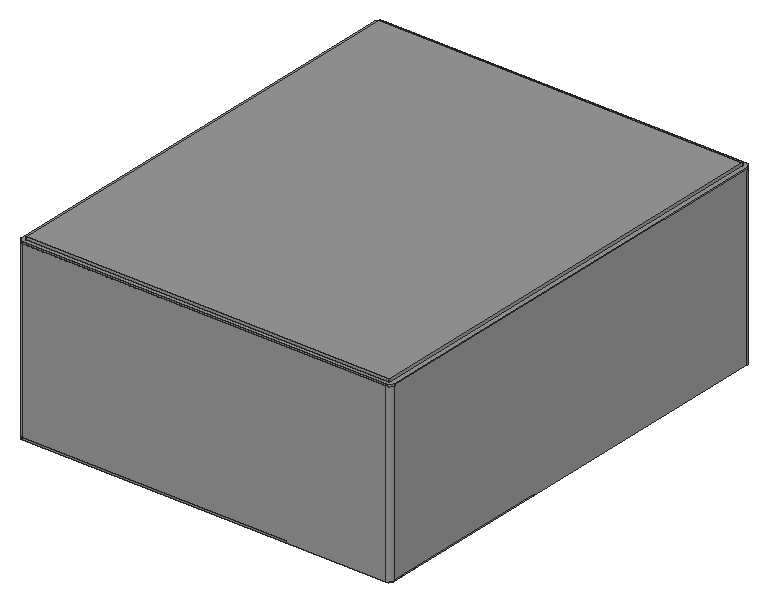
Revit family "Building-SurfaceMountingEnclosures-GEWISS-44CE-JUNCTION-BOXES-WALL-MOUNTING_HIGH_LID", category Apparecchi elettrici, host Superficie, Revit 2016 (continued)
Definition of nested family "Eemento di dettaglio - 44CE"
  Lines and regions (mm)
    detail lines, in view "Livello rif.", visible <- "460x380x120", detail levels medium+fine
      curve 732: line (148.101, -187.418, 0) -> (145.243, -184.56, 0)
      curve 733: line (145.243, -184.56, 0) -> (145.243, 0, 0)
      curve 734: line (145.243, 0, 0) -> (145.243, 184.56, 0)
      curve 735: line (155, -204.074, 0) -> (-155, -204.074, 0)
      curve 736: line (60.243, -194.317, 0) -> (0, -194.317, 0)
      curve 737: line (0, -194.317, 0) -> (-60.243, -194.317, 0)
      curve 738: line (-145.243, 184.56, 0) -> (-145.243, 0, 0)
      curve 739: line (-145.243, 0, 0) -> (-145.243, -184.56, 0)
      curve 740: line (-145.243, -184.56, 0) -> (-148.101, -187.418, 0)
      curve 741: line (-145.243, -7.317, 0) -> (145.243, -7.317, 0)
      curve 742: line (-145.243, 7.317, 0) -> (145.243, 7.317, 0)
      curve 744: line (155, -184.56, 0) -> (155, 0, 0)
      curve 745: line (155, 0, 0) -> (155, 184.56, 0)
      curve 746: line (145.243, -184.56, 0) -> (0, -184.56, 0)
      curve 747: line (0, -184.56, 0) -> (-145.243, -184.56, 0)
      curve 748: line (145.243, -194.317, 0) -> (-145.243, -194.317, 0)
      curve 749: line (155, 204.074, 0) -> (-155, 204.074, 0)
      curve 750: line (145.243, 194.317, 0) -> (-145.243, 194.317, 0)
      curve 751: line (-148.101, 187.418, 0) -> (-145.243, 184.56, 0)
      curve 752: line (-145.243, 184.56, 0) -> (0, 184.56, 0)
      curve 753: line (0, 184.56, 0) -> (145.243, 184.56, 0)
      curve 754: line (145.243, 184.56, 0) -> (148.101, 187.418, 0)
      curve 755: line (-155.73, 184.56, 0) -> (-154.987, 184.56, 0)
      curve 756: line (-154.987, 184.56, 0) -> (-154.987, 0, 0)
      curve 757: line (-154.987, 0, 0) -> (-154.987, -184.56, 0)
      curve 758: line (-154.987, -184.56, 0) -> (-155.73, -184.56, 0)
    detail lines, in view "Livello rif.", visible <- "460x380x120"
      curve 250: arc (198.537, 227.781, 0) -> (195.679, 234.679, 0) -> (188.781, 237.537, 0) r 9.756
      curve 251: arc (-188.781, 237.537, 0) -> (-195.679, 234.679, 0) -> (-198.537, 227.781, 0) r 9.756
      curve 252: arc (188.781, -237.591, 0) -> (195.679, -234.733, 0) -> (198.537, -227.835, 0) r 9.756
      curve 253: arc (-198.537, -227.835, 0) -> (-195.679, -234.733, 0) -> (-188.781, -237.591, 0) r 9.756
      curve 266: line (-188.781, -237.591, 0) -> (188.781, -237.591, 0)
      curve 267: line (198.537, 227.781, 0) -> (198.537, -227.835, 0)
      curve 268: line (-198.537, 227.781, 0) -> (-198.537, -227.835, 0)
      curve 284: line (-188.781, 237.537, 0) -> (188.781, 237.537, 0)
      curve 659: arc (2930.564, 243.355, 0) -> (2927.707, 250.254, 0) -> (2920.808, 253.111, 0) r 9.756
      curve 660: arc (2543.247, 253.111, 0) -> (2536.348, 250.254, 0) -> (2533.491, 243.355, 0) r 9.756
      curve 661: arc (2920.808, -222.017, 0) -> (2927.707, -219.159, 0) -> (2930.564, -212.261, 0) r 9.756
      curve 662: arc (2533.491, -212.261, 0) -> (2536.348, -219.159, 0) -> (2543.247, -222.017, 0) r 9.756
      curve 675: line (2543.247, -222.017, 0) -> (2920.808, -222.017, 0)
      curve 676: line (2930.564, 243.355, 0) -> (2930.564, -212.261, 0)
      curve 677: line (2533.491, 243.355, 0) -> (2533.491, -212.261, 0)
      curve 693: line (2543.247, 253.111, 0) -> (2920.808, 253.111, 0)
      curve 709: arc (198.537, 227.781, 0) -> (195.679, 234.679, 0) -> (188.781, 237.537, 0) r 9.756
      curve 710: arc (-188.781, 237.537, 0) -> (-195.679, 234.679, 0) -> (-198.537, 227.781, 0) r 9.756
      curve 711: arc (188.781, -237.591, 0) -> (195.679, -234.733, 0) -> (198.537, -227.835, 0) r 9.756
      curve 712: arc (-198.537, -227.835, 0) -> (-195.679, -234.733, 0) -> (-188.781, -237.591, 0) r 9.756
      curve 725: line (-188.781, -237.591, 0) -> (188.781, -237.591, 0)
      curve 726: line (198.537, 227.781, 0) -> (198.537, -227.835, 0)
      curve 727: line (-198.537, 227.781, 0) -> (-198.537, -227.835, 0)
      curve 743: line (-188.781, 237.537, 0) -> (188.781, 237.537, 0)
    detail lines, in view "Livello rif.", visible <- "380x300x120"
      curve 300: line (-193.617, 0, 0) -> (148.275, 0, 0)
      curve 301: line (0, 253.828, 0) -> (0, -235.211, 0)
      curve 302: arc (158.537, 188.781, 0) -> (155.679, 195.679, 0) -> (148.781, 198.537, 0) r 9.756
      curve 303: arc (-148.781, 198.537, 0) -> (-155.679, 195.679, 0) -> (-158.537, 188.781, 0) r 9.756
      curve 304: arc (148.781, -198.591, 0) -> (155.679, -195.733, 0) -> (158.537, -188.835, 0) r 9.756
      curve 305: arc (-158.537, -188.835, 0) -> (-155.679, -195.733, 0) -> (-148.781, -198.591, 0) r 9.756
      curve 318: line (-148.781, -198.591, 0) -> (148.781, -198.591, 0)
      curve 326: line (158.537, 188.781, 0) -> (158.537, -188.835, 0)
      curve 327: line (-158.537, 188.781, 0) -> (-158.537, -188.835, 0)
      curve 343: line (-148.781, 198.537, 0) -> (148.781, 198.537, 0)
      curve 602: line (1784.564, 14.634, 0) -> (2126.456, 14.634, 0)
      curve 603: line (1978.18, 268.462, 0) -> (1978.18, -220.578, 0)
      curve 604: arc (2136.717, 203.414, 0) -> (2133.86, 210.313, 0) -> (2126.961, 213.17, 0) r 9.756
      curve 605: arc (1829.4, 213.17, 0) -> (1822.501, 210.313, 0) -> (1819.644, 203.414, 0) r 9.756
      curve 606: arc (2126.961, -183.957, 0) -> (2133.86, -181.1, 0) -> (2136.717, -174.201, 0) r 9.756
      curve 607: arc (1819.644, -174.201, 0) -> (1822.501, -181.1, 0) -> (1829.4, -183.957, 0) r 9.756
      curve 620: line (1829.4, -183.957, 0) -> (2126.961, -183.957, 0)
      curve 628: line (2136.717, 203.414, 0) -> (2136.717, -174.201, 0)
      curve 629: line (1819.644, 203.414, 0) -> (1819.644, -174.201, 0)
      curve 645: line (1829.4, 213.17, 0) -> (2126.961, 213.17, 0)
    detail lines, in view "Livello rif.", visible <- "380x300x120", detail levels medium+fine
      curve 306: circle (99.402, 0, 0) r 7.317 normal (0, 0, 1)
      curve 307: circle (-99.402, 0, 0) r 7.317 normal (0, 0, 1)
      curve 308: circle (-125.5, -165.074, 0) r 3.71 normal (0, 0, 1)
      curve 309: circle (-125.5, -165.074, 0) r 9.757 normal (0, 0, 1)
      curve 310: circle (125.5, -165.074, 0) r 9.757 normal (0, 0, 1)
      curve 311: circle (125.5, -165.074, 0) r 3.71 normal (0, 0, 1)
      curve 312: circle (99.402, 0, 0) r 4.202 normal (0, 0, 1)
      curve 313: circle (-125.5, 164.596, 0) r 3.71 normal (0, 0, 1)
      curve 314: circle (-125.5, 164.596, 0) r 9.757 normal (0, 0, 1)
      curve 315: circle (125.5, 164.596, 0) r 9.757 normal (0, 0, 1)
      curve 316: circle (125.5, 164.596, 0) r 3.71 normal (0, 0, 1)
      curve 317: circle (-99.402, 0, 0) r 4 normal (0, 0, 1)
      curve 319: line (-135.257, 164.583, 0) -> (-135.257, 0, 0)
      curve 320: line (-135.257, 0, 0) -> (-135.257, -165.061, 0)
      curve 321: line (135.257, 164.596, 0) -> (135.257, 0, 0)
      curve 322: line (135.257, 0, 0) -> (135.257, -165.074, 0)
      curve 323: line (126.23, 154.839, 0) -> (125.5, 154.839, 0)
      curve 324: line (125.5, 154.839, 0) -> (125.5, 0, 0)
      curve 325: line (125.5, 0, 0) -> (125.5, -155.317, 0)
      curve 328: line (125.5, -174.831, 0) -> (-125.5, -174.831, 0)
      curve 329: line (60.243, -165.074, 0) -> (0, -165.074, 0)
      curve 330: line (0, -165.074, 0) -> (-60.243, -165.074, 0)
      curve 331: line (-126.23, -155.317, 0) -> (-125.487, -155.317, 0)
      curve 332: line (-125.487, -155.317, 0) -> (-125.487, 0, 0)
      curve 333: line (-125.487, 0, 0) -> (-125.487, 154.839, 0)
      curve 334: line (-125.487, 154.839, 0) -> (-126.23, 154.839, 0)
      curve 335: line (-118.601, 157.697, 0) -> (-115.743, 154.839, 0)
      curve 336: line (-115.743, 154.839, 0) -> (-115.743, 0, 0)
      curve 337: line (-115.743, 0, 0) -> (-115.743, -155.317, 0)
      curve 338: line (-115.743, -155.317, 0) -> (-118.601, -158.175, 0)
      curve 339: line (-115.743, -7.317, 0) -> (115.743, -7.317, 0)
      curve 340: line (-115.743, 7.317, 0) -> (115.743, 7.317, 0)
      curve 341: line (125.5, 174.353, 0) -> (0, 174.353, 0)
      curve 342: line (0, 174.353, 0) -> (-125.5, 174.353, 0)
      curve 344: line (115.743, 164.596, 0) -> (0, 164.596, 0)
      curve 345: line (0, 164.596, 0) -> (-115.743, 164.596, 0)
      curve 346: line (118.601, -158.175, 0) -> (115.743, -155.317, 0)
      curve 347: line (115.743, -155.317, 0) -> (115.743, 0, 0)
      curve 348: line (115.743, 0, 0) -> (115.743, 154.839, 0)
      curve 349: line (115.743, 154.839, 0) -> (118.601, 157.697, 0)
      curve 350: line (115.743, -155.317, 0) -> (0, -155.317, 0)
      curve 351: line (0, -155.317, 0) -> (-115.743, -155.317, 0)
      curve 352: line (115.743, -165.074, 0) -> (-115.743, -165.074, 0)
      curve 353: line (-115.743, 154.839, 0) -> (0, 154.839, 0)
      curve 354: line (0, 154.839, 0) -> (115.743, 154.839, 0)
      curve 608: circle (2077.583, 14.634, 0) r 7.317 normal (0, 0, 1)
      curve 609: circle (1878.778, 14.634, 0) r 7.317 normal (0, 0, 1)
      curve 610: circle (1852.68, -150.44, 0) r 3.71 normal (0, 0, 1)
      curve 611: circle (1852.68, -150.44, 0) r 9.757 normal (0, 0, 1)
      curve 612: circle (2103.68, -150.44, 0) r 9.757 normal (0, 0, 1)
      curve 613: circle (2103.68, -150.44, 0) r 3.71 normal (0, 0, 1)
      curve 614: circle (2077.583, 14.634, 0) r 4.202 normal (0, 0, 1)
      curve 615: circle (1852.68, 179.23, 0) r 3.71 normal (0, 0, 1)
      curve 616: circle (1852.68, 179.23, 0) r 9.757 normal (0, 0, 1)
      curve 617: circle (2103.68, 179.23, 0) r 9.757 normal (0, 0, 1)
      curve 618: circle (2103.68, 179.23, 0) r 3.71 normal (0, 0, 1)
      curve 619: circle (1878.778, 14.634, 0) r 4 normal (0, 0, 1)
      curve 621: line (1842.924, 179.217, 0) -> (1842.924, 14.634, 0)
      curve 622: line (1842.924, 14.634, 0) -> (1842.924, -150.427, 0)
      curve 623: line (2113.437, 179.23, 0) -> (2113.437, 14.634, 0)
      curve 624: line (2113.437, 14.634, 0) -> (2113.437, -150.44, 0)
      curve 625: line (2104.41, 169.473, 0) -> (2103.68, 169.473, 0)
      curve 626: line (2103.68, 169.473, 0) -> (2103.68, 14.634, 0)
      curve 627: line (2103.68, 14.634, 0) -> (2103.68, -140.684, 0)
      curve 630: line (2103.68, -160.197, 0) -> (1852.68, -160.197, 0)
      curve 631: line (2038.424, -150.44, 0) -> (1978.18, -150.44, 0)
      curve 632: line (1978.18, -150.44, 0) -> (1917.937, -150.44, 0)
      curve 633: line (1851.951, -140.684, 0) -> (1852.694, -140.684, 0)
      curve 634: line (1852.694, -140.684, 0) -> (1852.694, 14.634, 0)
      curve 635: line (1852.694, 14.634, 0) -> (1852.694, 169.473, 0)
      curve 636: line (1852.694, 169.473, 0) -> (1851.951, 169.473, 0)
      curve 637: line (1859.58, 172.33, 0) -> (1862.437, 169.473, 0)
      curve 638: line (1862.437, 169.473, 0) -> (1862.437, 14.634, 0)
      curve 639: line (1862.437, 14.634, 0) -> (1862.437, -140.684, 0)
      curve 640: line (1862.437, -140.684, 0) -> (1859.58, -143.541, 0)
      curve 641: line (1862.437, 7.317, 0) -> (2093.924, 7.317, 0)
      curve 642: line (1862.437, 21.951, 0) -> (2093.924, 21.951, 0)
      curve 643: line (2103.68, 188.986, 0) -> (1978.18, 188.986, 0)
      curve 644: line (1978.18, 188.986, 0) -> (1852.68, 188.986, 0)
      curve 646: line (2093.924, 179.23, 0) -> (1978.18, 179.23, 0)
      curve 647: line (1978.18, 179.23, 0) -> (1862.437, 179.23, 0)
      curve 648: line (2096.781, -143.541, 0) -> (2093.924, -140.684, 0)
      curve 649: line (2093.924, -140.684, 0) -> (2093.924, 14.634, 0)
      curve 650: line (2093.924, 14.634, 0) -> (2093.924, 169.473, 0)
      curve 651: line (2093.924, 169.473, 0) -> (2096.781, 172.33, 0)
      curve 652: line (2093.924, -140.684, 0) -> (1978.18, -140.684, 0)
      curve 653: line (1978.18, -140.684, 0) -> (1862.437, -140.684, 0)
      curve 654: line (2093.924, -150.44, 0) -> (1862.437, -150.44, 0)
      curve 655: line (1862.437, 169.473, 0) -> (1978.18, 169.473, 0)
      curve 656: line (1978.18, 169.473, 0) -> (2093.924, 169.473, 0)
Definition of nested family "CASSDERIVAZPAR"
  Parameters (values of type "CASSETTA")
    SIMBOLO ACCESO [instance] = yes
    Distanza dal muro [instance] = 4.208 mm
    BORDO ACCESO [instance] = yes
  Reference planes
    plane 1: y = 0
    plane 2: x = 0
  Dimensions and locks
    "Distanza dal muro": plane 1 to nested 1
    aligned and locked: plane 2 to nested 1
  Nested families
    nested 1: "CASSDERIVAZPAR_BASE" at (0, 4.208, 0), BORDO ACCESO <- "BORDO ACCESO", SIMBOLO ACCESO <- "SIMBOLO ACCESO", type "CASSETTA"
      with BORDO ACCESO yes
  Definition of nested family "CASSDERIVAZPAR_BASE"
    Parameters (values of type "CASSETTA")
      SIMBOLO ACCESO [instance] = yes
      Distanza dal muro = 4.208 mm
      BORDO ACCESO [instance] = yes
    Reference planes
      plane 1: y = 0
      plane 2: x = 0
    Lines and regions (mm)
      detail lines, visible <- "BORDO ACCESO"
        curve 1: line (-1, 2.5, 0) -> (1, 2.5, 0)
        curve 2: line (1, 2.5, 0) -> (1, 0, 0)
        curve 3: line (1, 0, 0) -> (-1, 0, 0)
        curve 4: line (-1, 0, 0) -> (-1, 2.5, 0)
        curve 5: line (-0.9, 2.4, 0) -> (0.9, 2.4, 0)
        curve 6: line (0.9, 2.4, 0) -> (0.9, 0.1, 0)
        curve 7: line (0.9, 0.1, 0) -> (-0.9, 0.1, 0)
        curve 8: line (-0.9, 0.1, 0) -> (-0.9, 2.4, 0)
        curve 9: line (-2.443, 10.208, 0) -> (2.057, 10.208, 0)
        curve 10: line (2.057, 10.208, 0) -> (2.057, 4.208, 0)
        curve 11: line (2.057, 4.208, 0) -> (-2.443, 4.208, 0)
        curve 12: line (-2.443, 4.208, 0) -> (-2.443, 10.208, 0)
        curve 13: line (-2.043, 9.808, 0) -> (1.657, 9.808, 0)
        curve 14: line (1.657, 9.808, 0) -> (1.657, 4.608, 0)
        curve 15: line (1.657, 4.608, 0) -> (-2.043, 4.608, 0)
        curve 16: line (-2.043, 4.608, 0) -> (-2.043, 9.808, 0)
      detail lines, visible <- "SIMBOLO ACCESO"
        curve 17: line (-0.7, 1.95, 0) -> (0.7, 1.95, 0)
        curve 18: line (-0.7, 0.55, 0) -> (-0.7, 1.95, 0)
        curve 19: line (0.7, 0.55, 0) -> (-0.7, 0.55, 0)
        curve 20: line (0.7, 1.95, 0) -> (0.7, 0.55, 0)
        curve 21: circle (0, 1.25, 0) r 0.1 normal (0, 0, 1)
    Dimensions and locks
      aligned and locked: curve 3 to plane 1
Types (30, lengths in mm): name | Type of material | Torque screws tightening | Thermo-pressure with ball | Technical sheet | Modello | Max Ã˜ holes possible | Material | Lid screws (no. and type) | Lid colour | Internal dim. LxHxD (mm) | Immagine tipo | IDT | Glow Wire Test | GEWISS SCHEDA TECNICA | Electrocod | EAN code | Lunghezza_interna | Larghezza_interna | Spessore | Dettaglio | Descrizione | Coperchio | Application | Accessories for insulation restoring
  GW44214 - JUNCT.BOX SMOOTH WALLS 100X100X120 IP56 | "Halogen-free in compliance with EN 60754-2" | "1NM" | "85 °C" | "https://www.gewiss.com/ww/en/search?q=GW44214" | "GW44214" | "29MM" | "Technopolymer GWPLAST 75" | "4 - Stainless steel" | "" | "100x100x120" | GW44214.jpg | "e3134ab2-6b80-47b5-8062-3e4940f59420" | "650°C" | "http://pro.gewiss.com/irj/servlet/prt/portal/prtroot/com.gewiss.catalog.search.ProductST2?codProd=GW44214" | "02211" | "8011564013858" | 100 | 100 | 120 | Eemento di dettaglio - 44CE : 100x100x50 | "JUNCT.BOX SMOOTH WALLS 100X100X120 IP56" | GEWISS COPERCHIO | "Ordinary junctions" | "GW44622"
  GW44215 - JUNCT.BOX SMOOTH WALLS 120X80X120 IP56 | "Halogen-free in compliance with EN 60754-2" | "1NM" | "85 °C" | "https://www.gewiss.com/ww/en/search?q=GW44215" | "GW44215" | "29MM" | "Technopolymer GWPLAST 75" | "4 - Stainless steel" | "" | "120x80x120" | GW44215.jpg | "dcb975ad-4fc8-41a8-b264-321d6dc6e8d2" | "650°C" | "http://pro.gewiss.com/irj/servlet/prt/portal/prtroot/com.gewiss.catalog.search.ProductST2?codProd=GW44215" | "02211" | "8011564013865" | 80 | 120 | 120 | Eemento di dettaglio - 44CE : 120x80x50 | "JUNCT.BOX SMOOTH WALLS 120X80X120 IP56" | GEWISS COPERCHIO | "Ordinary junctions" | "GW44622"
  GW44216 - JUNCT.BOX SMOOTH WALLS 150X110X140 IP56 | "Halogen-free in compliance with EN 60754-2" | "1,2NM" | "85 °C" | "https://www.gewiss.com/ww/en/search?q=GW44216" | "GW44216" | "29MM" | "Technopolymer GWPLAST 75" | "4 - Stainless steel" | "" | "150x110x140" | GW44216.jpg | "8c3b7e0e-96ea-41de-843b-4069154fe877" | "650°C" | "http://pro.gewiss.com/irj/servlet/prt/portal/prtroot/com.gewiss.catalog.search.ProductST2?codProd=GW44216" | "02211" | "8011564013872" | 110 | 150 | 140 | Eemento di dettaglio - 44CE : 150x110x70 | "JUNCT.BOX SMOOTH WALLS 150X110X140 IP56" | GEWISS COPERCHIO | "Ordinary junctions" | "GW44622"
  GW44217 - JUNCT.BOX SMOOTH WALLS 190X140X140 IP56 | "Halogen-free in compliance with EN 60754-2" | "1,8NM" | "85 °C" | "https://www.gewiss.com/ww/en/search?q=GW44217" | "GW44217" | "37MM" | "Technopolymer GWPLAST 75" | "4 insul. sealable hinged" | "" | "190x140x140" | GW44217.jpg | "794f0b31-f3e4-4ac2-8c0f-9f58c44ea6f6" | "650°C" | "http://pro.gewiss.com/irj/servlet/prt/portal/prtroot/com.gewiss.catalog.search.ProductST2?codProd=GW44217" | "02211" | "8011564013889" | 140 | 190 | 140 | Eemento di dettaglio - 44CE : 190x140x70 | "JUNCT.BOX SMOOTH WALLS 190X140X140 IP56" | GEWISS COPERCHIO | "Ordinary junctions" | "GW44621, GW44622"
  GW44218 - JUNCT.BOX SMOOTH WALLS 240X190X160 IP56 | "Halogen-free in compliance with EN 60754-2" | "1,8NM" | "85 °C" | "https://www.gewiss.com/ww/en/search?q=GW44218" | "GW44218" | "37MM" | "Technopolymer GWPLAST 75" | "4 insul. sealable hinged" | "" | "240x190x160" | GW44218.jpg | "a3007d74-582d-41d6-ab73-12ed8741718f" | "650°C" | "http://pro.gewiss.com/irj/servlet/prt/portal/prtroot/com.gewiss.catalog.search.ProductST2?codProd=GW44218" | "02211" | "8011564013896" | 190 | 240 | 160 | Eemento di dettaglio - 44CE : 240x190x90 | "JUNCT.BOX SMOOTH WALLS 240X190X160 IP56" | GEWISS COPERCHIO | "Ordinary junctions" | "GW44621, GW44622"
  GW44219 - JUNCT.BOX SMOOTH WALLS 300X220X180 IP56 | "Halogen-free in compliance with EN 60754-2" | "1,8NM" | "85 °C" | "https://www.gewiss.com/ww/en/search?q=GW44219" | "GW44219" | "48MM" | "Technopolymer GWPLAST 75" | "4 insul. sealable hinged" | "" | "300x220x180" | GW44219.jpg | "fb503355-e386-4f99-a06d-f1b46e6b3790" | "650°C" | "http://pro.gewiss.com/irj/servlet/prt/portal/prtroot/com.gewiss.catalog.search.ProductST2?codProd=GW44219" | "02211" | "8011564013902" | 220 | 300 | 180 | Eemento di dettaglio - 44CE : 300x220x120 | "JUNCT.BOX SMOOTH WALLS 300X220X180 IP56" | GEWISS COPERCHIO | "Ordinary junctions" | "GW44621, GW44622"
  GW44220 - JUNCT.BOX SMOOTH WALLS 380X300X180 IP56 | "Halogen-free in compliance with EN 60754-2" | "1,8NM" | "85 °C" | "https://www.gewiss.com/ww/en/search?q=GW44220" | "GW44220" | "48MM" | "Technopolymer GWPLAST 75" | "4 insul. sealable hinged" | "" | "380x300x180" | GW44220.jpg | "29531d89-baec-494d-8599-61740b7c4272" | "650°C" | "http://pro.gewiss.com/irj/servlet/prt/portal/prtroot/com.gewiss.catalog.search.ProductST2?codProd=GW44220" | "02211" | "8011564013919" | 300 | 380 | 180 | Eemento di dettaglio - 44CE : 380x300x120 | "JUNCT.BOX SMOOTH WALLS 380X300X180 IP56" | GEWISS COPERCHIO | "Ordinary junctions" | "GW44621, GW44623"
  GW44221 - JUNCT.BOX SMOOTH WALLS 460X380X180 IP56 | "Halogen-free in compliance with EN 60754-2" | "1,8NM" | "85 °C" | "https://www.gewiss.com/ww/en/search?q=GW44221" | "GW44221" | "48MM" | "Technopolymer GWPLAST 75" | "6 insul. sealable hinged" | "" | "460x380x180" | GW44221.jpg | "cb216cbc-f4ad-442a-b1f1-7df970e66108" | "650°C" | "http://pro.gewiss.com/irj/servlet/prt/portal/prtroot/com.gewiss.catalog.search.ProductST2?codProd=GW44221" | "02211" | "8011564013926" | 380 | 460 | 180 | Eemento di dettaglio - 44CE : 460x380x120 | "JUNCT.BOX SMOOTH WALLS 460X380X180 IP56" | GEWISS COPERCHIO | "Ordinary junctions" | "GW44621"
  GW44254 - JUN.BOX SMOOTH W.GWT960 100X100X120 IP56 | "" | "1NM" | "85 °C" | "https://www.gewiss.com/ww/en/search?q=GW44254" | "GW44254" | "29MM" | "Technopolymer GWPLAST 75" | "4 - Stainless steel" | "" | "100x100x120" | GW44254.jpg | "1d541483-a1d7-466f-ac8a-0af271247819" | "960°C" | "http://pro.gewiss.com/irj/servlet/prt/portal/prtroot/com.gewiss.catalog.search.ProductST2?codProd=GW44254" | "02211" | "8011564298729" | 100 | 100 | 120 | Eemento di dettaglio - 44CE : 100x100x50 | "JUN.BOX SMOOTH W.GWT960 100X100X120 IP56" | GEWISS COPERCHIO | "Special uses" | "GW44622"
  GW44255 - JUN.BOX SMOOTH W.GWT960 120X80X120 IP56 | "" | "1NM" | "85 °C" | "https://www.gewiss.com/ww/en/search?q=GW44255" | "GW44255" | "29MM" | "Technopolymer GWPLAST 75" | "4 - Stainless steel" | "" | "120x80x120" | GW44255.jpg | "00529a9c-cece-49b5-98cf-c6fd35938f0b" | "960°C" | "http://pro.gewiss.com/irj/servlet/prt/portal/prtroot/com.gewiss.catalog.search.ProductST2?codProd=GW44255" | "02211" | "8011564298736" | 80 | 120 | 120 | Eemento di dettaglio - 44CE : 120x80x50 | "JUN.BOX SMOOTH W.GWT960 120X80X120 IP56" | GEWISS COPERCHIO | "Special uses" | "GW44622"
  GW44256 - JUN.BOX SMOOTH W.GWT960 150X110X140 IP56 | "" | "1,2NM" | "85 °C" | "https://www.gewiss.com/ww/en/search?q=GW44256" | "GW44256" | "29MM" | "Technopolymer GWPLAST 75" | "4 - Stainless steel" | "" | "150x110x140" | GW44256.jpg | "3c1280f7-0005-4376-a5e0-edc1f0553ec6" | "960°C" | "http://pro.gewiss.com/irj/servlet/prt/portal/prtroot/com.gewiss.catalog.search.ProductST2?codProd=GW44256" | "02211" | "8011564298743" | 110 | 150 | 140 | Eemento di dettaglio - 44CE : 150x110x70 | "JUN.BOX SMOOTH W.GWT960 150X110X140 IP56" | GEWISS COPERCHIO | "Special uses" | "GW44622"
  GW44257 - JUN.BOX SMOOTH W.GWT960 190X140X140 IP56 | "" | "1,8NM" | "85 °C" | "https://www.gewiss.com/ww/en/search?q=GW44257" | "GW44257" | "37MM" | "Technopolymer GWPLAST 75" | "4 insul. sealable hinged" | "" | "190x140x140" | GW44257.jpg | "9f9a53f4-d89c-4333-8e9e-9c650806363c" | "960°C" | "http://pro.gewiss.com/irj/servlet/prt/portal/prtroot/com.gewiss.catalog.search.ProductST2?codProd=GW44257" | "02211" | "8011564298750" | 140 | 190 | 140 | Eemento di dettaglio - 44CE : 190x140x70 | "JUN.BOX SMOOTH W.GWT960 190X140X140 IP56" | GEWISS COPERCHIO | "Special uses" | "GW44621, GW44622"
  GW44258 - JUN.BOX SMOOTH W.GWT960 240X190X160 IP56 | "" | "1,8NM" | "85 °C" | "https://www.gewiss.com/ww/en/search?q=GW44258" | "GW44258" | "37MM" | "Technopolymer GWPLAST 75" | "4 insul. sealable hinged" | "" | "240x190x160" | GW44258.jpg | "0df944e7-457d-4574-ad35-ffcff354e245" | "960°C" | "http://pro.gewiss.com/irj/servlet/prt/portal/prtroot/com.gewiss.catalog.search.ProductST2?codProd=GW44258" | "02211" | "8011564298767" | 190 | 240 | 160 | Eemento di dettaglio - 44CE : 240x190x90 | "JUN.BOX SMOOTH W.GWT960 240X190X160 IP56" | GEWISS COPERCHIO | "Special uses" | "GW44621, GW44622"
  GW44259 - JUN.BOX SMOOTH W.GWT960 300X200X180 IP56 | "" | "1,8NM" | "85 °C" | "https://www.gewiss.com/ww/en/search?q=GW44259" | "GW44259" | "48MM" | "Technopolymer GWPLAST 75" | "4 insul. sealable hinged" | "" | "300x220x180" | GW44259.jpg | "c384605c-3d3b-4532-b0b7-583a6e565950" | "960°C" | "http://pro.gewiss.com/irj/servlet/prt/portal/prtroot/com.gewiss.catalog.search.ProductST2?codProd=GW44259" | "02211" | "8011564298774" | 220 | 300 | 180 | Eemento di dettaglio - 44CE : 300x220x120 | "JUN.BOX SMOOTH W.GWT960 300X200X180 IP56" | GEWISS COPERCHIO | "Special uses" | "GW44621, GW44622"
  GW44260 - JUN.BOX SMOOTH W.GWT960 380X300X180 IP56 | "" | "1,8NM" | "85 °C" | "https://www.gewiss.com/ww/en/search?q=GW44260" | "GW44260" | "48MM" | "Technopolymer GWPLAST 75" | "4 insul. sealable hinged" | "" | "380x300x180" | GW44260.jpg | "240ba057-30cd-4366-bca6-ec77d35c408c" | "960°C" | "http://pro.gewiss.com/irj/servlet/prt/portal/prtroot/com.gewiss.catalog.search.ProductST2?codProd=GW44260" | "02211" | "8011564298781" | 300 | 380 | 180 | Eemento di dettaglio - 44CE : 380x300x120 | "JUN.BOX SMOOTH W.GWT960 380X300X180 IP56" | GEWISS COPERCHIO | "Special uses" | "GW44621, GW44623"
  GW44261 - JUN.BOX SMOOTH W.GWT960 460X380X180 IP56 | "" | "1,8NM" | "85 °C" | "https://www.gewiss.com/ww/en/search?q=GW44261" | "GW44261" | "48MM" | "Technopolymer GWPLAST 75" | "6 insul. sealable hinged" | "" | "460x380x180" | GW44261.jpg | "b3e81e97-df07-499e-b876-83ab51e504c3" | "960°C" | "http://pro.gewiss.com/irj/servlet/prt/portal/prtroot/com.gewiss.catalog.search.ProductST2?codProd=GW44261" | "02211" | "8011564298798" | 380 | 460 | 180 | Eemento di dettaglio - 44CE : 460x380x120 | "JUN.BOX SMOOTH W.GWT960 460X380X180 IP56" | GEWISS COPERCHIO | "Special uses" | "GW44621"
  GW44414 - JUNCT.BOX HR GREY LID 100X100X120 IP56 | "Halogen-free in compliance with EN 60754-2" | "1NM" | "110 °C" | "https://www.gewiss.com/ww/en/search?q=GW44414" | "GW44414" | "29MM" | "Technopolymer GWPLAST 120" | "4 - Stainless steel" | "" | "100x100x120" | GW44414.jpg | "4a8ccb9d-ee5d-457b-86fa-d2351e56bf43" | "650°C" | "http://pro.gewiss.com/irj/servlet/prt/portal/prtroot/com.gewiss.catalog.search.ProductST2?codProd=GW44414" | "02211" | "8011564014015" | 100 | 100 | 120 | Eemento di dettaglio - 44CE : 100x100x50 | "JUNCT.BOX HR GREY LID 100X100X120 IP56" | GEWISS - Grigio RAL 7035 | "Industrial uses" | "GW44622"
  GW44415 - JUNCT.BOX HR GREY LID 120X80X120 IP56 | "Halogen-free in compliance with EN 60754-2" | "1NM" | "110 °C" | "https://www.gewiss.com/ww/en/search?q=GW44415" | "GW44415" | "29MM" | "Technopolymer GWPLAST 120" | "4 - Stainless steel" | "" | "120x80x120" | GW44415.jpg | "d2142131-b531-4327-9698-5ad0bd571569" | "650°C" | "http://pro.gewiss.com/irj/servlet/prt/portal/prtroot/com.gewiss.catalog.search.ProductST2?codProd=GW44415" | "02211" | "8011564014022" | 80 | 120 | 120 | Eemento di dettaglio - 44CE : 120x80x50 | "JUNCT.BOX HR GREY LID 120X80X120 IP56" | GEWISS COPERCHIO | "Industrial uses" | "GW44622"
  GW44416 - JUNCT.BOX HR GREY LID 150X110X140 IP56 | "Halogen-free in compliance with EN 60754-2" | "1,2NM" | "110 °C" | "https://www.gewiss.com/ww/en/search?q=GW44416" | "GW44416" | "29MM" | "Technopolymer GWPLAST 120" | "4 - Stainless steel" | "" | "150x110x140" | GW44416.jpg | "877c88ad-2469-448f-a06a-458c73a43097" | "650°C" | "http://pro.gewiss.com/irj/servlet/prt/portal/prtroot/com.gewiss.catalog.search.ProductST2?codProd=GW44416" | "02211" | "8011564014039" | 110 | 150 | 140 | Eemento di dettaglio - 44CE : 150x110x70 | "JUNCT.BOX HR GREY LID 150X110X140 IP56" | GEWISS COPERCHIO | "Industrial uses" | "GW44622"
  GW44417 - JUNCT.BOX HR GREY LID 190X140X140 IP56 | "Halogen-free in compliance with EN 60754-2" | "1,8NM" | "110 °C" | "https://www.gewiss.com/ww/en/search?q=GW44417" | "GW44417" | "37MM" | "Technopolymer GWPLAST 120" | "4 insul. sealable hinged" | "" | "190x140x140" | GW44417.jpg | "ec43a801-3b99-4bac-85a3-42b6f100103c" | "650°C" | "http://pro.gewiss.com/irj/servlet/prt/portal/prtroot/com.gewiss.catalog.search.ProductST2?codProd=GW44417" | "02211" | "8011564014046" | 140 | 190 | 140 | Eemento di dettaglio - 44CE : 190x140x70 | "JUNCT.BOX HR GREY LID 190X140X140 IP56" | GEWISS COPERCHIO | "Industrial uses" | "GW44621, GW44622"
  GW44418 - JUNCT.BOX HR GREY LID  240X190X160 IP56 | "Halogen-free in compliance with EN 60754-2" | "1,8NM" | "110 °C" | "https://www.gewiss.com/ww/en/search?q=GW44418" | "GW44418" | "37MM" | "Technopolymer GWPLAST 120" | "4 insul. sealable hinged" | "" | "240x190x160" | GW44418.jpg | "817eba2e-51b6-4aab-8d5c-ff03315cb8db" | "650°C" | "http://pro.gewiss.com/irj/servlet/prt/portal/prtroot/com.gewiss.catalog.search.ProductST2?codProd=GW44418" | "02211" | "8011564014053" | 190 | 240 | 160 | Eemento di dettaglio - 44CE : 240x190x90 | "JUNCT.BOX HR GREY LID  240X190X160 IP56" | GEWISS COPERCHIO | "Industrial uses" | "GW44621, GW44622"
  GW44419 - JUNCT.BOX HR GREY LID 300X220X180 IP56 | "Halogen-free in compliance with EN 60754-2" | "1,8NM" | "110 °C" | "https://www.gewiss.com/ww/en/search?q=GW44419" | "GW44419" | "48MM" | "Technopolymer GWPLAST 120" | "4 insul. sealable hinged" | "" | "300x220x180" | GW44419.jpg | "e65b9cc3-95df-4f27-8f42-35107410200c" | "650°C" | "http://pro.gewiss.com/irj/servlet/prt/portal/prtroot/com.gewiss.catalog.search.ProductST2?codProd=GW44419" | "02211" | "8011564014060" | 220 | 300 | 180 | Eemento di dettaglio - 44CE : 300x220x120 | "JUNCT.BOX HR GREY LID 300X220X180 IP56" | GEWISS COPERCHIO | "Industrial uses" | "GW44621, GW44622"
  GW44420 - JUNCT.BOX HR GREY LID 380X300X180 IP56 | "Halogen-free in compliance with EN 60754-2" | "1,8NM" | "110 °C" | "https://www.gewiss.com/ww/en/search?q=GW44420" | "GW44420" | "48MM" | "Technopolymer GWPLAST 120" | "4 insul. sealable hinged" | "" | "380x300x180" | GW44420.jpg | "5d9f2843-c1ea-4ead-8a75-808f098b8644" | "650°C" | "http://pro.gewiss.com/irj/servlet/prt/portal/prtroot/com.gewiss.catalog.search.ProductST2?codProd=GW44420" | "02211" | "8011564014077" | 300 | 380 | 180 | Eemento di dettaglio - 44CE : 380x300x120 | "JUNCT.BOX HR GREY LID 380X300X180 IP56" | GEWISS COPERCHIO | "Industrial uses" | "GW44621, GW44623"
  GW44421 - JUNCT.BOX HR GREY LID 460X380X180 IP56 | "Halogen-free in compliance with EN 60754-2" | "1,8NM" | "110 °C" | "https://www.gewiss.com/ww/en/search?q=GW44421" | "GW44421" | "48MM" | "Technopolymer GWPLAST 120" | "6 insul. sealable hinged" | "" | "460x380x180" | GW44421.jpg | "0edf4b28-c6d7-474e-ab6c-d3bd4ebced50" | "650°C" | "http://pro.gewiss.com/irj/servlet/prt/portal/prtroot/com.gewiss.catalog.search.ProductST2?codProd=GW44421" | "02211" | "8011564014084" | 380 | 460 | 180 | Eemento di dettaglio - 44CE : 460x380x120 | "JUNCT.BOX HR GREY LID 460X380X180 IP56" | GEWISS COPERCHIO | "Industrial uses" | "GW44621"
  GW44436 - ENCLOSURE.W.TRASP.LID 150X110X140 IP56 | "Halogen-free in compliance with EN 60754-2" | "1,2NM" | "110 °C" | "https://www.gewiss.com/ww/en/search?q=GW44436" | "GW44436" | "29MM" | "Technopolymer GWPLAST 120" | "4 - Stainless steel" | "Transparent" | "150x110x140" | GW44436.jpg | "94c3f950-3e2b-4651-b0f0-fb97ece183d7" | "650°C" | "http://pro.gewiss.com/irj/servlet/prt/portal/prtroot/com.gewiss.catalog.search.ProductST2?codProd=GW44436" | "0231" | "8011564014152" | 110 | 150 | 140 | Eemento di dettaglio - 44CE : 150x110x70 | "ENCLOSURE.W.TRASP.LID 150X110X140 IP56" | GEWISS COPERCHIO TRASPARENTE | "Industrial uses" | "GW44622"
  GW44437 - ENCLOSURE.W.TRASP.LID 190X140X140 IP56 | "Halogen-free in compliance with EN 60754-2" | "1,8NM" | "110 °C" | "https://www.gewiss.com/ww/en/search?q=GW44437" | "GW44437" | "37MM" | "Technopolymer GWPLAST 120" | "4 insul. sealable hinged" | "Transparent" | "190x140x140" | GW44437.jpg | "d8b4f6eb-e6fa-4412-abac-83923b5c9f69" | "650°C" | "http://pro.gewiss.com/irj/servlet/prt/portal/prtroot/com.gewiss.catalog.search.ProductST2?codProd=GW44437" | "0231" | "8011564014169" | 140 | 190 | 140 | Eemento di dettaglio - 44CE : 190x140x70 | "ENCLOSURE.W.TRASP.LID 190X140X140 IP56" | GEWISS COPERCHIO TRASPARENTE | "Industrial uses" | "GW44621, GW44622"
  GW44438 - ENCLOSURE.W.TRASP.LID 240X190X160 IP56 | "Halogen-free in compliance with EN 60754-2" | "1,8NM" | "110 °C" | "https://www.gewiss.com/ww/en/search?q=GW44438" | "GW44438" | "37MM" | "Technopolymer GWPLAST 120" | "4 insul. sealable hinged" | "Transparent" | "240x190x160" | GW44438.jpg | "4468195a-2d5c-4489-b7d7-49eb17a42fbe" | "650°C" | "http://pro.gewiss.com/irj/servlet/prt/portal/prtroot/com.gewiss.catalog.search.ProductST2?codProd=GW44438" | "0231" | "8011564014176" | 190 | 240 | 160 | Eemento di dettaglio - 44CE : 240x190x90 | "ENCLOSURE.W.TRASP.LID 240X190X160 IP56" | GEWISS COPERCHIO TRASPARENTE | "Industrial uses" | "GW44621, GW44622"
  GW44439 - ENCLOSURE.W.TRASP.LID 300X220X180 IP56 | "Halogen-free in compliance with EN 60754-2" | "1,8NM" | "110 °C" | "https://www.gewiss.com/ww/en/search?q=GW44439" | "GW44439" | "48MM" | "Technopolymer GWPLAST 120" | "4 insul. sealable hinged" | "Transparent" | "300x220x180" | GW44439.jpg | "1ac767b1-8da3-478e-97f3-33ce417a8ab0" | "650°C" | "http://pro.gewiss.com/irj/servlet/prt/portal/prtroot/com.gewiss.catalog.search.ProductST2?codProd=GW44439" | "0231" | "8011564014183" | 220 | 300 | 180 | Eemento di dettaglio - 44CE : 300x220x120 | "ENCLOSURE.W.TRASP.LID 300X220X180 IP56" | GEWISS COPERCHIO TRASPARENTE | "Industrial uses" | "GW44621, GW44622"
  GW44440 - ENCLOSURE.W.TRASP.LID 380X300X180 IP56 | "Halogen-free in compliance with EN 60754-2" | "1,8NM" | "110 °C" | "https://www.gewiss.com/ww/en/search?q=GW44440" | "GW44440" | "48MM" | "Technopolymer GWPLAST 120" | "4 insul. sealable hinged" | "Transparent" | "380x300x180" | GW44440.jpg | "ecdfbf7e-c3d8-4a40-b3e6-aed60d0eccf2" | "650°C" | "http://pro.gewiss.com/irj/servlet/prt/portal/prtroot/com.gewiss.catalog.search.ProductST2?codProd=GW44440" | "0231" | "8011564014190" | 300 | 380 | 180 | Eemento di dettaglio - 44CE : 380x300x120 | "ENCLOSURE.W.TRASP.LID 380X300X180 IP56" | GEWISS COPERCHIO TRASPARENTE | "Industrial uses" | "GW44621, GW44623"
  GW44441 - ENCLOSURE.W.TRASP.LID 460X380X180 IP56 | "Halogen-free in compliance with EN 60754-2" | "1,8NM" | "110 °C" | "https://www.gewiss.com/ww/en/search?q=GW44441" | "GW44441" | "48MM" | "Technopolymer GWPLAST 120" | "6 insul. sealable hinged" | "Transparent" | "460x380x180" | GW44441.jpg | "238c3f26-d7fd-486c-9f58-b8ff1378d212" | "650°C" | "http://pro.gewiss.com/irj/servlet/prt/portal/prtroot/com.gewiss.catalog.search.ProductST2?codProd=GW44441" | "0231" | "8011564014206" | 380 | 460 | 180 | Eemento di dettaglio - 44CE : 460x380x120 | "ENCLOSURE.W.TRASP.LID 460X380X180 IP56" | GEWISS COPERCHIO TRASPARENTE | "Industrial uses" | "GW44621"
